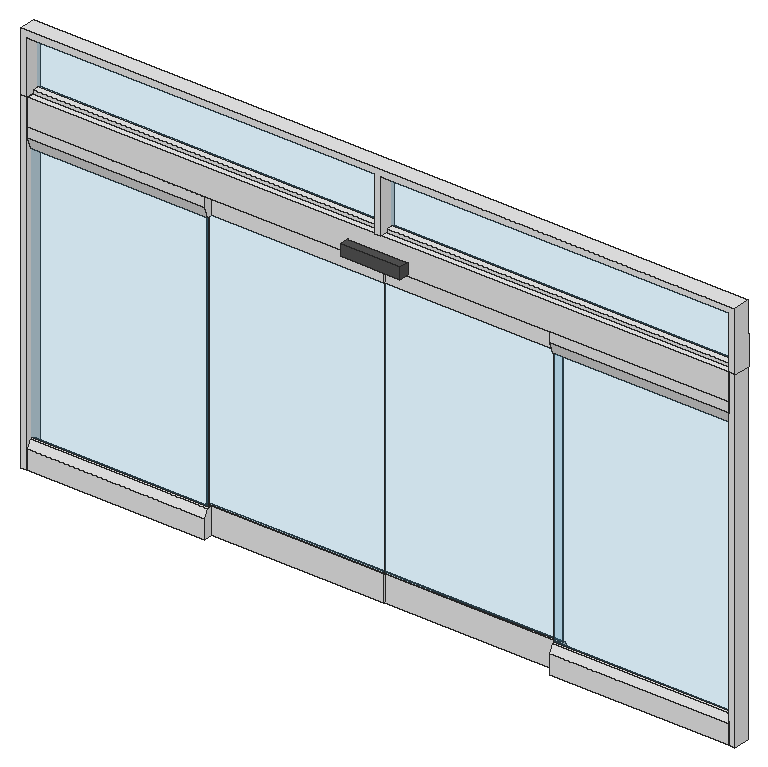
Revit family "Door_Sliding_AssaAbloy_AllGlass-Transom-BiPart", category Doors, host Wall, Revit 2024
Family settings
  Host = Wall
  OmniClass Number = 23.30.10.17.11
  OmniClass Title = Sliding Doors
  Always vertical = Yes
  Cut with Voids When Loaded = No
  Shared = No
  Room Calculation Point = No
Parameters (values of type "FSL 16 ft")
  Wall CL Offset Notes [instance] = "Use positive or negative values to determine location"  # constant formula
  Transom Height [instance] = 1' - 4"
  Standards Conformance = "as Specified"
  Rail Height_Bottom [instance] = 0' - 7"
  RO Offset = 0' - 0 1/4"
  Panel Thickness = 0' - 1 7/8"
  Panel Height [instance] = if(Include Threshold, Height - 0' 0 5/8" - 0' 7 1/8", Height - 0' 0 1/8" - 0' 7 1/8")  # 6' - 10 1/2"
  Offset from Wall CL [instance] = 0' - 0"
  Include Threshold [instance] = no
  Hardware Finish [instance] = Plastic - Black
  Glazing Type [instance] = ""
  Glazing Tint [instance] = Glass
  Glazing Thickness [instance] = 0' - 0 1/4"
  Glazing Configuration [instance] = ""
  Function = Interior
  Jamb Width = 0' - 1 3/4"
  Frame Thickness = 0' - 4 1/2"
  Frame Finish [instance] = Metal - Aluminum - Besam - Anodized - Clear
  Electrical_Voltage [instance] = 0 V
  Electrical_Frequency [instance] = 0 Hz
  Electrical_Amperage [instance] = 0 A
  Clear Opening Width = 6' - 10 1/8"
  Clear Opening Height [instance] = if(1 = 1, Height - 0' 8 7/8", 0' 0")  # 6' - 8 7/8"
  Panel Width = (((Width / 2) - Jamb Width) / 2) + (0' 1" / 2) + 0' 0 1/4"  # 3' - 11 7/8"
  Warranty Duration (Years) = 0
  URL = "http://www.besam-usa.com/en/besam/us/"
  Thickness = 0' - 0"  # constant formula
  Test Data = ""
  Specification = "http://www.arcat.com/sd/clients/besamaut.html?coid=30906"
  SpecWizard = "http://www.arcat.com/specwizard/clients/besamaut.html?coid=30906"
  Send Message = "http://www.arcat.com/users.pl?action=UserEmail&company=Besam%20Entrance%20Solutions&coid=30906&rep=141&fax=704-290-5555&mf="
  Sales Information = "http://www.besam-usa.com/en/besam/us/About-us/Contact-Us/"
  Rough Width = (Width + (RO Offset * 2))  # 16' - 0 1/2"
  Rough Height = (Height + (RO Offset))  # 7' - 6"
  Product Properties = "http://www.besam-usa.com/en/besam/us/Products/"
  Product Data = "http://www.arcat.com/arcatcos/cos30/arc30906.html"
  Manufacturer Website = "http://www.besam-usa.com/en/besam/us/"
  Manufacturer Phone - Toll Free = "877-SPEC-123"
  Manufacturer Fax = "704-290-5555"
  Manufacturer Address = "1900 Airport Rd., Monroe, NC 28110"
  Maintenance Schedule (Months) = 0
  Installation-Fabrication = "http://www.besam-usa.com/en/besam/us/Downloads/"
  Installation Phase = ""
  Green Building-LEED = "http://www.arcat.com/green/clients/leed_data_30906.html"
  Model = "Besam SL500 CGL BPT FSL16"
  Manufacturer = "ASSA ABLOY Entrance Systems"
  Keynote = "08463"
  Height = 7' - 5 3/4"
  Wall Closure = By host
  Width = 16' - 0"
  Fire Rating = "As Specified"
  Expected Lifespan (Years) = 0
  Drawn By = "Sumex Design, Inc. / Robert S. Weygant, CSI, CDT, SCIP"
  Description = "ASSA ABLOY All Glass BiPart Sliding Door - Besam SL500 CGL BPT FSL16 as Specified"
  Copyright = "©Arcat Inc."
  Construction Details = "http://www.arcat.com/details/besamaut/besamaut.html?coid=30906"
  Building Codes = ""
  Assembly Code = "B2030110"
Types (4): name | Clear Opening Width | Panel Width | Rough Width | Model | Width | Description
  FSL 16 ft | 6' - 10 1/8" | 3' - 11 7/8" | 16' - 0 1/2" | "Besam SL500 CGL BPT FSL16" | 16' - 0" | "ASSA ABLOY All Glass BiPart Sliding Door - Besam SL500 CGL BPT FSL16 as Specified"
  FSL 14 ft | 5' - 10 1/8" | 3' - 5 7/8" | 14' - 0 1/2" | "Besam SL500 CGL BPT FSL14" | 14' - 0" | "ASSA ABLOY All Glass BiPart Sliding Door - Besam SL500 CGL BPT FSL14 as Specified"
  FSL 12 ft | 4' - 10 1/8" | 2' - 11 7/8" | 12' - 0 1/2" | "Besam SL500 CGL BPT FSL12" | 12' - 0" | "ASSA ABLOY All Glass BiPart Sliding Door - Besam SL500 CGL BPT FSL12 as Specified"
  FSL 10 ft | 3' - 10 1/8" | 2' - 5 7/8" | 10' - 0 1/2" | "Besam SL500 CGL BPT FSL10" | 10' - 0" | "ASSA ABLOY All Glass BiPart Sliding Door - Besam SL500 CGL BPT FSL10 as Specified"
Reference planes (in)
  plane 1 "Center (Front/Back)": y = -33.96225
  plane 2 "Center (Left/Right)": x = 64.28704
  plane 3: z = 0
  plane 4 "Right": x = 160.28704
  plane 5 "Left": x = -31.71296
  plane 6 "Closure": y = -35.96225
  plane 7: z = 0
  plane 8 "Top of Frame": z = 89.75
  plane 9 "RO Top": z = 106
  plane 10 "RO Right": x = 160.53704
  plane 11 "RO Left": x = -31.96296
  plane 12 "Frame Ext": y = -31.71225
  plane 13 "Frame Int": y = -36.21225
  plane 14: z = 0.125
  plane 15: x = 158.53704
  plane 16: x = -29.96296
  plane 17: z = 82.625
  plane 18: x = 17.91204
  plane 19: x = 110.66204
  plane 20: y = -34.64975
  plane 21: y = -34.77475
  plane 22: y = -34.52475
  plane 23: z = 105.75
Forms (in)
  Extrusion 1, void
    sketch origin (0, -33.96225, 0) x (1, 0, 0) y (0, 0, 1)
      loop
        line (67.28704, 0) -> (67.28704, 2.875) -> (61.28704, 2.875) -> (61.28704, 0) -> (67.28704, 0)
    from 0 <- "Offset from Wall CL" to 12.0625
  Extrusion 2, void
    sketch origin (0, -33.96225, 0) x (-1, 0, 0) y (0, 0, 1)
      loop
        line (-19.16204, 0) -> (-19.16204, 1.875) -> (-22.16204, 1.875) -> (-22.16204, 0) -> (-19.16204, 0)
    from 0 to 12
  Extrusion 3, void
    sketch origin (0, -33.96225, 0) x (-1, 0, 0) y (0, 0, 1)
      loop
        line (-109.41204, 0) -> (-106.41204, 0) -> (-106.41204, 1.875) -> (-109.41204, 1.875) -> (-109.41204, 0)
    from -2.25 to 12
Lines and regions (in)
  Opening 1
    outline origin (-109.33485, -35.96225, 0) x (1, 0, 0) y (0, 0, 1)
      loop
        line (77.37189, 0) -> (269.87189, 0) -> (269.87189, 106) -> (77.37189, 106) -> (77.37189, 0)
Text (in)
  text "Exterior" at (48.04558, 2.31104, 0), in view "Plan"
  text "Interior" at (48.04558, -50.14366, 0), in view "Plan"
  text "Exterior" at (0, -17.98638, 123.01588), in view "Right"
  text "Interior" at (0, -64.39139, 123.01588), in view "Right"
  text "Interior" at (0, -52.09468, 121.14095), in view "Left"
  text "Exterior" at (0, 26.35325, 123.00693), in view "Left"
Dimensions and locks (in)
  equal spacing: plane 4 "Right", plane 2 "Center (Left/Right)", plane 5 "Left"
  "Width": plane 5 "Left" to plane 4 "Right"
  "Height": level to plane 8 "Top of Frame"
  "RO Offset": plane 5 "Left" to plane 11 "RO Left"
  "RO Offset": plane 10 "RO Right" to plane 4 "Right"
  "Frame Thickness": plane 12 "Frame Ext" to plane 13 "Frame Int"
  equal spacing: plane 12 "Frame Ext", plane 1 "Center (Front/Back)", plane 13 "Frame Int"
  "Jamb Width": plane 5 "Left" to plane 16
  "Jamb Width": plane 4 "Right" to plane 15
  locked: plane 17 to plane 8 "Top of Frame" at 7.125
  "Panel Width": plane 19 to plane 15
  "Panel Width": plane 16 to plane 18
  locked: plane 20 to plane 13 "Frame Int" at 1.5625
  equal spacing: plane 22, plane 20, plane 21
  "Glazing Thickness": plane 22 to plane 21
  "Panel Height": plane 14 to plane 17
  "Transom Height": plane 23 to plane 8 "Top of Frame"
  "RO Offset": plane 9 "RO Top" to plane 23
  aligned and locked: host wall to plane 1 "Center (Front/Back)"
  aligned and locked: host wall to plane 6 "Closure"
  aligned and locked: Opening 1 sketch curve to level
  aligned and locked: plane 10 "RO Right" to Opening 1 sketch curve
  aligned and locked: Opening 1 sketch curve to plane 9 "RO Top"
  aligned and locked: plane 11 "RO Left" to Opening 1 sketch curve
  aligned and locked: plane 2 "Center (Left/Right)" to nested 2
  aligned and locked: plane 2 "Center (Left/Right)" to nested 4
  aligned and locked: nested 1 to plane 16
  aligned and locked: nested 3 to plane 15
  aligned: nested 4 to plane 12 "Frame Ext"
  aligned: plane 12 "Frame Ext" to nested 2
  aligned and locked: nested 5 to Extrusion 1
  aligned and locked: nested 3 to Extrusion 3
  aligned and locked: nested 1 to Extrusion 3
  aligned and locked: nested 2 to Extrusion 2
  aligned and locked: nested 4 to Extrusion 2
  aligned and locked: plane 14 to nested 3
  aligned and locked: plane 14 to nested 4
  aligned and locked: nested 2 to plane 14
  aligned and locked: nested 1 to plane 14
Automatic sketch dimensions
  Extrusion 1 sketch curve to level = 0' - 0"
  Extrusion 1 sketch curve to plane 2 "Center (Left/Right)" = 0' - 3"
  plane 2 "Center (Left/Right)" to Extrusion 1 sketch curve = 0' - 3"
  plane 14 to Extrusion 1 sketch curve = 0' - 2 3/4"
  Extrusion 2 sketch curve to Extrusion 1 = 0' - 0"
  Extrusion 2 sketch curve to Extrusion 1 = 0' - 1"
  Extrusion 1 to Extrusion 2 sketch curve = 3' - 6 1/8"
  Extrusion 2 sketch curve to Extrusion 2 sketch curve = 0' - 3"
  Extrusion 3 sketch curve to Extrusion 1 = 0' - 0"
  Extrusion 1 to Extrusion 3 sketch curve = 3' - 3 1/8"
  Extrusion 3 sketch curve to Extrusion 1 = 0' - 1"
  Extrusion 3 sketch curve to Extrusion 3 sketch curve = 0' - 3"
Nested families (in)
  nested 1: "Panel_AllGlass" at (-6.02546, -35.27475, 0.125) x (-1, 0, 0) z (0, 0, 1), Glass Type <- "Glazing Tint", Width <- "Panel Width", Thickness <- "Panel Thickness", Height <- "Panel Height", Glass Thickness <- "Glazing Thickness", Frame Material <- "Frame Finish", type "Panel_AllGlass"
    with Width 3' - 11 7/8", Thickness 0' - 1 7/8", Slide Right no, Slide Left no, Pivot Flat Side yes, Pivot Curved Side no, Muntin no, Height 6' - 10 1/2", Glass Type Glass, Glass Thickness 0' - 0 1/4", Frame Material Metal - Aluminum - Besam - Anodized - Clear, Flat Corner yes, 2 Curved Corners no
  nested 2: "Panel_AllGlass" at (40.34954, -33.02475, 0.125), Glass Type <- "Glazing Tint", Width <- "Panel Width", Thickness <- "Panel Thickness", Height <- "Panel Height", Glass Thickness <- "Glazing Thickness", Frame Material <- "Frame Finish", type "Panel_AllGlass"
    with Width 3' - 11 7/8", Thickness 0' - 1 7/8", Slide Right no, Slide Left yes, Pivot Flat Side no, Pivot Curved Side yes, Muntin no, Height 6' - 10 1/2", Glass Type Glass, Glass Thickness 0' - 0 1/4", Frame Material Metal - Aluminum - Besam - Anodized - Clear, Flat Corner yes, 2 Curved Corners no
  nested 3: "Panel_AllGlass" at (134.59954, -35.27475, 0.125), Glass Type <- "Glazing Tint", Width <- "Panel Width", Thickness <- "Panel Thickness", Height <- "Panel Height", Glass Thickness <- "Glazing Thickness", Frame Material <- "Frame Finish", type "Panel_AllGlass"
    with Width 3' - 11 7/8", Thickness 0' - 1 7/8", Slide Right no, Slide Left no, Pivot Flat Side yes, Pivot Curved Side no, Muntin no, Height 6' - 10 1/2", Glass Type Glass, Glass Thickness 0' - 0 1/4", Frame Material Metal - Aluminum - Besam - Anodized - Clear, Flat Corner yes, 2 Curved Corners no
  nested 4: "Panel_AllGlass" at (88.22454, -33.02475, 0.125) x (-1, 0, 0) z (0, 0, 1), Glass Type <- "Glazing Tint", Width <- "Panel Width", Thickness <- "Panel Thickness", Height <- "Panel Height", Glass Thickness <- "Glazing Thickness", Frame Material <- "Frame Finish", type "Panel_AllGlass"
    with Width 3' - 11 7/8", Thickness 0' - 1 7/8", Slide Right no, Slide Left yes, Pivot Flat Side no, Pivot Curved Side yes, Muntin no, Height 6' - 10 1/2", Glass Type Glass, Glass Thickness 0' - 0 1/4", Frame Material Metal - Aluminum - Besam - Anodized - Clear, Flat Corner yes, 2 Curved Corners no
  nested 5: "Frame" at (64.28704, -33.96225, 0), hardware finish <- "Hardware Finish", glazing <- "Glazing Tint", frame finish <- "Frame Finish", width <- "Width", height <- "Height", threshold <- "Include Threshold", transom height <- "Transom Height", type "Frame"
    with width 16' - 0", transom height 1' - 4", threshold no, panel width 3' - 5 7/8", height 7' - 5 3/4", hardware finish Plastic - Black, glazing Glass, frame finish Metal - Aluminum - Besam - Anodized - Clear
Definition of nested family "Panel_AllGlass"
  Parameters
    Width [instance] = 3' - 0"
    Thickness [instance] = 0' - 1 7/8"
    Slide Right [instance] = yes
    Slide Left [instance] = yes
    Rail Width_Top = 0' - 5 1/2"
    Rail Width_Base = 0' - 7"
    Pivot Flat Side [instance] = no
    Pivot Curved Side [instance] = yes
    Muntin [instance] = no
    Height [instance] = 7' - 0"
    Glass Type [instance] = none
    Glass Thickness [instance] = 0' - 0 1/4"
    Frame Material [instance] = none
    Flat Corner [instance] = not([2 Curved Corners])  # yes
    Assembly Code = ""
    2 Curved Corners [instance] = no
  Reference planes (in)
    plane 1 "Center (Front/Back)": y = 0
    plane 2: z = 0
    plane 3 "Center (Left/Right)": x = 0
    plane 4: x = -18
    plane 5: x = 18
    plane 6 "Frame_Ext": y = 0.9375
    plane 7 "Frame_Int": y = -0.9375
    plane 8: z = 84
    plane 9: z = 78.5
    plane 10: z = 7
    plane 11 "Glass_Ext": y = -0.4375
    plane 12 "Glass_Int": y = -0.6875
    plane 13: z = 42
  Forms (in)
    Extrusion 1, solid, material <- "Glass Type"
      sketch origin (-19.12252, -0.6875, 48) x (-1, 0, 0) y (0, 0, -1)
        loop
          line (-1.12252, -30.5) -> (-1.12252, 41) -> (-37.12252, 41) -> (-37.12252, -30.5) -> (-1.12252, -30.5)
      from 0 to -0.25
    Sweep 2, solid, material <- "Frame Material"
      path origin (0, 0, 0) x (1, 0, 0) y (0, 0, 1)
        loop
          line (-18, 84) -> (18, 84)
      profile origin (0, 0, 84) x (0, 0, 1) y (0, -1, 0)
        loop
          line (0, -0.9375) -> (0, 0.9375) -> (-5.5, 0.9375) -> (-5.5, 0.07597) -> (-2.71553, -0.9375) -> (0, -0.9375)
    Sweep 3, solid, material <- "Frame Material"
      path origin (0, 0, 0) x (1, 0, 0) y (0, 0, 1)
        loop
          line (-18, 0) -> (18, 0)
      profile origin (0, 0, 0) x (0, 0, 1) y (0, -1, 0)
        loop
          line (5.05144, -0.9375) -> (7, 0) -> (7, 0.9375) -> (0, 0.9375) -> (0, -0.9375) -> (5.05144, -0.9375)
  Lines and regions (in)
    Masking region 1, visible <- "Slide Right"
      outline origin (0, 0, 0) x (1, 0, 0) y (0, 1, 0)
        loop
          line (-1.75, -4.4375) -> (-1.75, -6.4375) -> (1.75, -6.4375) -> (1.75, -7.4375) -> (3.75, -5.4375) -> (1.75, -3.4375) -> (1.75, -4.4375) -> (-1.75, -4.4375)
    Masking region 2, visible <- "Slide Left"
      outline origin (0, 0, 0) x (0, 1, 0) y (-1, 0, 0)
        loop
          line (-4.4375, -1.75) -> (-4.4375, 1.75) -> (-3.4375, 1.75) -> (-5.4375, 3.75) -> (-7.4375, 1.75) -> (-6.4375, 1.75) -> (-6.4375, -1.75) -> (-4.4375, -1.75)
    symbolic lines, visible <- "Pivot Curved Side"
      curve 1: arc (18, -0.01635, 0) -> (7.45584, 25.43949, 0) -> (-18, 35.98365, 0) r 36
      curve 2: line (-18, 35.98365, 0) -> (-18, 0, 0)
    model lines, visible <- "Slide Right"
      curve 3: line (-1.75, -0.9375, 47) -> (1.75, -0.9375, 47)
      curve 4: line (1.75, -0.9375, 47) -> (1.75, -0.9375, 48)
      curve 5: line (-1.75, -0.9375, 47) -> (-1.75, -0.9375, 45)
      curve 6: line (-1.75, -0.9375, 45) -> (1.75, -0.9375, 45)
      curve 7: line (1.75, -0.9375, 45) -> (1.75, -0.9375, 44)
      curve 8: line (1.75, -0.9375, 44) -> (3.75, -0.9375, 46)
      curve 9: line (1.75, -0.9375, 48) -> (3.75, -0.9375, 46)
      curve 17: line (-1.75, 0.9375, 47) -> (1.75, 0.9375, 47)
      curve 18: line (-1.75, 0.9375, 47) -> (-1.75, 0.9375, 45)
      curve 19: line (-1.75, 0.9375, 45) -> (1.75, 0.9375, 45)
      curve 20: line (1.75, 0.9375, 45) -> (1.75, 0.9375, 44)
      curve 21: line (1.75, 0.9375, 44) -> (3.75, 0.9375, 46)
      curve 29: line (1.75, 0.9375, 47) -> (1.75, 0.9375, 48)
      curve 30: line (1.75, 0.9375, 48) -> (3.75, 0.9375, 46)
    model lines, visible <- "Slide Left"
      curve 10: line (1.75, -0.9375, 47) -> (-1.75, -0.9375, 47)
      curve 11: line (-1.75, -0.9375, 47) -> (-1.75, -0.9375, 48)
      curve 12: line (1.75, -0.9375, 47) -> (1.75, -0.9375, 45)
      curve 13: line (1.75, -0.9375, 45) -> (-1.75, -0.9375, 45)
      curve 14: line (-1.75, -0.9375, 45) -> (-1.75, -0.9375, 44)
      curve 15: line (-1.75, -0.9375, 44) -> (-3.75, -0.9375, 46)
      curve 16: line (-1.75, -0.9375, 48) -> (-3.75, -0.9375, 46)
      curve 22: line (1.75, 0.9375, 47) -> (-1.75, 0.9375, 47)
      curve 23: line (1.75, 0.9375, 47) -> (1.75, 0.9375, 45)
      curve 24: line (1.75, 0.9375, 45) -> (-1.75, 0.9375, 45)
      curve 25: line (-1.75, 0.9375, 45) -> (-1.75, 0.9375, 44)
      curve 26: line (-1.75, 0.9375, 44) -> (-3.75, 0.9375, 46)
      curve 27: line (-1.75, 0.9375, 47) -> (-1.75, 0.9375, 48)
      curve 28: line (-1.75, 0.9375, 48) -> (-3.75, 0.9375, 46)
  Dimensions and locks (in)
    equal spacing: plane 7 "Frame_Int", plane 1 "Center (Front/Back)", plane 6 "Frame_Ext"
    "Thickness": plane 6 "Frame_Ext" to plane 7 "Frame_Int"
    equal spacing: plane 4, plane 3 "Center (Left/Right)", plane 5
    "Width": plane 4 to plane 5
    "Height": plane 8 to level
    "Rail Width_Top": plane 8 to plane 9
    "Rail Width_Base": plane 10 to level
    "Glass Thickness": plane 12 "Glass_Int" to plane 11 "Glass_Ext"
    equal spacing: plane 8, plane 13, level
    locked: plane 12 "Glass_Int" to plane 7 "Frame_Int" at 0.25
    locked: Sweep 2 sketch curve to plane 9 at 2.78447
    locked: plane 10 to Sweep 3 sketch curve at 1.94856
    aligned and locked: plane 9 to Sweep 2 sketch curve
    aligned and locked: plane 7 "Frame_Int" to Sweep 2 sketch curve
    aligned and locked: Sweep 2 sketch curve to plane 6 "Frame_Ext"
    aligned and locked: Sweep 3 sketch curve to plane 10
    aligned and locked: plane 7 "Frame_Int" to Sweep 3 sketch curve
    aligned and locked: Sweep 3 sketch curve to plane 6 "Frame_Ext"
    aligned and locked: plane 11 "Glass_Ext" to Extrusion 1
  Automatic sketch dimensions
    plane 1 "Center (Front/Back)" to curve 2 = 0' - 0"
    curve 2 to plane 4 = 0' - 0"
    curve 1 to plane 5 = 0' - 0"
    plane 1 "Center (Front/Back)" to curve 1 = 0' - 0.01635"
    Extrusion 1 sketch curve to plane 5 = 0' - 0"
    Extrusion 1 sketch curve to plane 4 = 0' - 0"
    Extrusion 1 sketch curve to plane 10 = 0' - 0"
    Extrusion 1 sketch curve to plane 9 = 0' - 0"
    Sweep 2 sketch curve to plane 4 = 0' - 0"
    Sweep 2 sketch curve to plane 5 = 0' - 0"
    Sweep 2 sketch curve to plane 8 = 0' - 0"
    profile plane to Sweep 2 sketch curve = 0' - 0"
    plane 1 "Center (Front/Back)" to Sweep 2 sketch curve = 0' - 0.07597"
    Sweep 3 sketch curve to level = 0' - 0"
    Sweep 3 sketch curve to plane 4 = 0' - 0"
    Sweep 3 sketch curve to plane 5 = 0' - 0"
    profile plane to Sweep 3 sketch curve = 0' - 0"
    Sweep 3 sketch curve to plane 1 "Center (Front/Back)" = 0' - 0"
    plane 3 "Center (Left/Right)" to curve 9 = 0' - 3 3/4"
    plane 3 "Center (Left/Right)" to curve 4 = 0' - 1 3/4"
    curve 10 to plane 3 "Center (Left/Right)" = 0' - 1 3/4"
    curve 3 to curve 16 = 0' - 2"
    plane 13 to curve 14 = 0' - 2"
    plane 13 to curve 7 = 0' - 2"
    curve 7 to curve 13 = 0' - 1"
    curve 6 to curve 9 = 0' - 1"
    curve 5 to curve 15 = 0' - 1"
    curve 10 to curve 4 = 0' - 1"
    plane 3 "Center (Left/Right)" to curve 30 = 0' - 3 3/4"
    plane 3 "Center (Left/Right)" to curve 29 = 0' - 1 3/4"
    curve 22 to plane 3 "Center (Left/Right)" = 0' - 1 3/4"
    curve 17 to curve 26 = 0' - 2"
    plane 13 to curve 21 = 0' - 2"
    plane 13 to curve 25 = 0' - 2"
    curve 25 to curve 18 = 0' - 1"
    curve 18 to curve 28 = 0' - 1"
    curve 19 to curve 30 = 0' - 1"
    curve 23 to curve 29 = 0' - 1"
    Masking region 1 sketch curve to plane 3 "Center (Left/Right)" = 0' - 1 3/4"
    plane 3 "Center (Left/Right)" to Masking region 1 sketch curve = 0' - 1 3/4"  (x2)
    Masking region 1 sketch curve to Masking region 1 sketch curve = 0' - 2"  (x2)
    Masking region 1 sketch curve to plane 7 "Frame_Int" = 0' - 6 1/2"
    Masking region 1 sketch curve to Masking region 1 sketch curve = 0' - 1"  (x2)
    Masking region 2 sketch curve to plane 3 "Center (Left/Right)" = 0' - 1 3/4"  (x2)
    Masking region 2 sketch curve to plane 7 "Frame_Int" = 0' - 6 1/2"
    Masking region 2 sketch curve to Masking region 2 sketch curve = 0' - 1"  (x3)
    Masking region 2 sketch curve to Masking region 2 sketch curve = 0' - 2"
    plane 3 "Center (Left/Right)" to Masking region 2 sketch curve = 0' - 1 3/4"
Definition of nested family "Frame"
  Parameters
    width [instance] = 4' - 2"
    transom height [instance] = 1' - 3"
    threshold [instance] = yes
    panel width [instance] = 1' - 7 1/4"
    height [instance] = 5' - 3.19658"
    hardware finish [instance] = none
    glazing [instance] = none
    frame finish [instance] = none
    Default Elevation = 0' - 0"
    Assembly Code = ""
  Reference planes (in)
    plane 1 "Center (Front/Back)": y = 0
    plane 2: z = 0
    plane 3 "Center (Left/Right)": x = 0
    plane 4: x = -25
    plane 5: x = -23.25
    plane 6: x = 23.25
    plane 7: x = 25
    plane 8: z = 63.19658
    plane 9: z = 56.07158
    plane 10: z = 78.19658
  Forms (in)
    Extrusion 1, solid, material <- "frame finish"
      sketch origin (0, 0, 0) x (1, 0, 0) y (0, 1, 0)
        loop
          line (-25, -2.25) -> (-23.25, -2.25) -> (-23.25, 2.25) -> (-25, 2.25) -> (-25, -2.25)
        loop
          line (25, -2.25) -> (25, 2.25) -> (23.25, 2.25) -> (23.25, -2.25) -> (25, -2.25)
      from 0 to 63.19658
    Extrusion 2, solid, material <- "frame finish"
      sketch origin (0, 0, 0) x (0, 1, 0) y (0, 0, 1)
        loop
          line (-2.25, 63.19658) -> (-2.25, 56.07158) -> (2.25, 56.07158) -> (2.25, 63.19658) -> (-2.25, 63.19658)
      from -23.25 to 23.25
    Extrusion 3, solid, material <- "frame finish", visible <- "threshold"
      sketch origin (0, 0, 0) x (0, 1, 0) y (0, 0, 1)
        loop
          line (2.5, 0.5) -> (-2.5, 0.5) -> (-3.87374, 0) -> (3.87374, 0) -> (2.5, 0.5)
      from -23.25 to 23.25
    Extrusion 4, solid, material <- "hardware finish"
      sketch origin (0, 0, 0) x (0, 1, 0) y (0, 0, 1)
        loop
          line (2.25, 59.94658) -> (2.25, 56.94658) -> (4.75, 56.94658) -> (4.75, 59.94658) -> (2.25, 59.94658)
        loop
          line (-4.75, 59.32158) -> (-4.75, 56.32158) -> (-2.25, 56.32158) -> (-2.25, 59.32158) -> (-4.75, 59.32158)
      from 8 to -8
    Extrusion 5, solid, material <- "frame finish"
      sketch origin (0, 0, 0) x (1, 0, 0) y (0, 0, 1)
        loop
          line (-25, 78.19658) -> (-25, 63.19658) -> (-23.25, 63.19658) -> (-23.25, 76.44658) -> (-0.875, 76.44658) -> (-0.875, 63.19658) -> (0.875, 63.19658) -> (0.875, 76.44658) -> (23.25, 76.44658) -> (23.25, 63.19658) -> (25, 63.19658) -> (25, 78.19658) -> (-25, 78.19658)
      from -2.25 to 2.25
    Extrusion 6, solid, material <- "frame finish"
      sketch origin (0, 0, 0) x (1, 0, 0) y (0, 0, 1)
        loop
          line (-23.25, 64.19658) -> (-23.25, 63.19658) -> (23.25, 63.19658) -> (23.25, 64.19658) -> (-23.25, 64.19658)
      from -1.67852 to 0.29207
    Extrusion 7, solid, material <- "glazing"
      sketch origin (0, 0, 0) x (1, 0, 0) y (0, 0, 1)
        loop
          line (-23.25, 76.44658) -> (-23.25, 64.19658) -> (23.25, 64.19658) -> (23.25, 76.44658) -> (-23.25, 76.44658)
      from -1.21131 to -1.02391
  Dimensions and locks (in)
    equal spacing: plane 4, plane 3 "Center (Left/Right)", plane 7
    locked: plane 4 to plane 5 at 1.75
    locked: plane 6 to plane 7 at 1.75
    "width": plane 4 to plane 7
    "height": plane 8 to level
    locked: plane 8 to plane 9 at 7.125
    Extrusion 4 sketch curve to Extrusion 4 sketch curve to plane 9 = 0' - 3" locked, 0' - 0 1/4" locked
    Extrusion 4 sketch curve to Extrusion 4 sketch curve to plane 9 = 0' - 3" locked, 0' - 0 7/8" locked
    "transom height": plane 10 to plane 8
    locked: plane 10 to Extrusion 5 sketch curve at 1.75
    locked: Extrusion 6 sketch curve to plane 8 at 1
    locked: plane 10 to Extrusion 7 sketch curve at 1.75
    locked: Extrusion 7 sketch curve to plane 8 at 1
    Extrusion 5 sketch curve to plane 3 "Center (Left/Right)" to Extrusion 5 sketch curve = 0' - 0 7/8" locked, 0' - 0 7/8" locked
    aligned and locked: plane 2 to level
    aligned: plane 9 to Extrusion 1
    aligned and locked: plane 8 to Extrusion 1
    aligned and locked: plane 8 to Extrusion 2 sketch curve
    aligned and locked: Extrusion 2 sketch curve to plane 9
    aligned and locked: plane 6 to Extrusion 2
    aligned and locked: Extrusion 2 to plane 5
    aligned and locked: plane 6 to Extrusion 3
    aligned and locked: Extrusion 3 to plane 5
    aligned and locked: plane 5 to Extrusion 5 sketch curve
    aligned and locked: Extrusion 5 sketch curve to plane 4
    aligned and locked: Extrusion 5 sketch curve to plane 6
    aligned and locked: plane 7 to Extrusion 5 sketch curve
    aligned and locked: plane 10 to Extrusion 5 sketch curve
    aligned and locked: Extrusion 6 sketch curve to plane 6
    aligned and locked: plane 5 to Extrusion 6 sketch curve
    aligned and locked: plane 8 to Extrusion 6 sketch curve
    aligned and locked: plane 5 to Extrusion 7 sketch curve
    aligned and locked: Extrusion 7 sketch curve to plane 6
  Automatic sketch dimensions
    plane 1 "Center (Front/Back)" to Extrusion 1 sketch curve = 0' - 2 1/4"  (x2)
    Extrusion 1 sketch curve to plane 4 = 0' - 0"
    Extrusion 1 sketch curve to plane 5 = 0' - 0"
    Extrusion 1 sketch curve to plane 6 = 0' - 0"
    Extrusion 1 sketch curve to plane 7 = 0' - 0"
    Extrusion 1 sketch curve to Extrusion 1 sketch curve = 0' - 4 1/2"
    Extrusion 1 sketch curve to plane 1 "Center (Front/Back)" = 0' - 2 1/4"
    plane 1 "Center (Front/Back)" to Extrusion 2 sketch curve = 0' - 2 1/4"
    Extrusion 2 sketch curve to plane 1 "Center (Front/Back)" = 0' - 2 1/4"
    Extrusion 3 sketch curve to level = 0' - 0"
    Extrusion 3 sketch curve to Extrusion 3 sketch curve = 0' - 5"
    plane 1 "Center (Front/Back)" to Extrusion 3 sketch curve = 0' - 3.87374"
    level to Extrusion 3 sketch curve = 0' - 0 1/2"
    Extrusion 3 sketch curve to Extrusion 3 sketch curve = 0' - 1.37374"  (x2)
    plane 1 "Center (Front/Back)" to Extrusion 4 sketch curve = 0' - 4 3/4"
    plane 1 "Center (Front/Back)" to Extrusion 4 sketch curve = 0' - 2 1/4"
    Extrusion 4 sketch curve to plane 1 "Center (Front/Back)" = 0' - 2 1/4"
    Extrusion 4 sketch curve to Extrusion 4 sketch curve = 0' - 2 1/2"
    Extrusion 5 sketch curve to plane 8 = 0' - 0"  (x3)
    Extrusion 5 sketch curve to Extrusion 5 sketch curve = 0' - 0"
